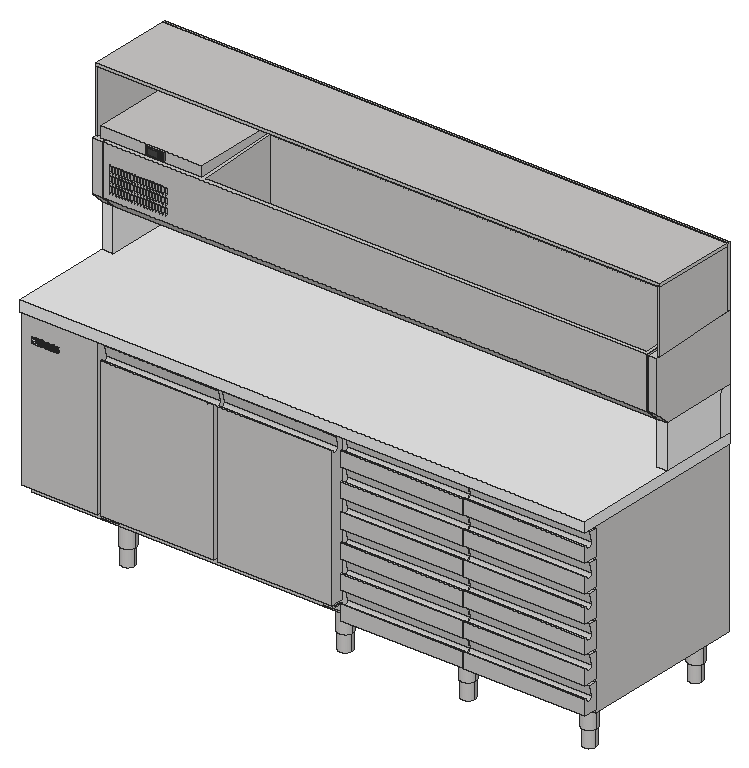
Revit family "QF_ELECTROLUXPROFESSIONAL_725189_RCSH2D12W", category Attrezzature speciali, Revit 2021 (continued)
Definition of nested family "ELX_REF_PZ"
  Automatic sketch dimensions
    Split face 97 sketch curve to Split face 97 sketch curve = 4 mm
    Split face 98 sketch curve to Extrusion 2 = 85.544 mm
    Split face 98 sketch curve to Split face 98 sketch curve = 42 mm
    Split face 98 sketch curve to Extrusion 2 = 60.174 mm
    Split face 98 sketch curve to Split face 98 sketch curve = 4 mm
    Split face 99 sketch curve to Extrusion 2 = 98.456 mm
    Split face 99 sketch curve to Split face 99 sketch curve = 42 mm
    Split face 99 sketch curve to Extrusion 2 = 60.174 mm
    Split face 99 sketch curve to Split face 99 sketch curve = 4 mm
    Split face 100 sketch curve to Extrusion 2 = 68.174 mm
    Split face 100 sketch curve to Extrusion 2 = 140.544 mm
    Split face 100 sketch curve to Split face 100 sketch curve = 42 mm
    Split face 100 sketch curve to Split face 100 sketch curve = 4 mm
    Split face 101 sketch curve to Extrusion 2 = 43.456 mm
    Split face 101 sketch curve to Split face 101 sketch curve = 42 mm
    Split face 101 sketch curve to Extrusion 2 = 48.174 mm
    Split face 101 sketch curve to Split face 101 sketch curve = 4 mm
    Split face 102 sketch curve to Extrusion 2 = 56.174 mm
    Split face 102 sketch curve to Extrusion 2 = 85.544 mm
    Split face 102 sketch curve to Split face 102 sketch curve = 42 mm
    Split face 102 sketch curve to Split face 102 sketch curve = 4 mm
    Split face 103 sketch curve to Extrusion 2 = 56.174 mm
    Split face 103 sketch curve to Extrusion 2 = 98.456 mm
    Split face 103 sketch curve to Split face 103 sketch curve = 42 mm
    Split face 103 sketch curve to Split face 103 sketch curve = 4 mm
    Split face 104 sketch curve to Extrusion 2 = 56.174 mm
    Split face 104 sketch curve to Extrusion 2 = 140.544 mm
    Split face 104 sketch curve to Split face 104 sketch curve = 42 mm
    Split face 104 sketch curve to Split face 104 sketch curve = 4 mm
    Split face 105 sketch curve to Extrusion 2 = 43.456 mm
    Split face 105 sketch curve to Split face 105 sketch curve = 42 mm
    Split face 105 sketch curve to Extrusion 2 = 36.174 mm
    Split face 105 sketch curve to Split face 105 sketch curve = 4 mm
    Split face 106 sketch curve to Extrusion 2 = 44.174 mm
    Split face 106 sketch curve to Extrusion 2 = 85.544 mm
    Split face 106 sketch curve to Split face 106 sketch curve = 42 mm
    Split face 106 sketch curve to Split face 106 sketch curve = 4 mm
    Split face 107 sketch curve to Extrusion 2 = 44.174 mm
    Split face 107 sketch curve to Extrusion 2 = 98.456 mm
    Split face 107 sketch curve to Split face 107 sketch curve = 42 mm
    Split face 107 sketch curve to Split face 107 sketch curve = 4 mm
    Split face 108 sketch curve to Extrusion 2 = 44.174 mm
    Split face 108 sketch curve to Extrusion 2 = 140.544 mm
    Split face 108 sketch curve to Split face 108 sketch curve = 42 mm
    Split face 108 sketch curve to Split face 108 sketch curve = 4 mm
    Split face 109 sketch curve to Extrusion 2 = 43.456 mm
    Split face 109 sketch curve to Split face 109 sketch curve = 42 mm
    Split face 109 sketch curve to Extrusion 2 = 24.174 mm
    Split face 109 sketch curve to Split face 109 sketch curve = 4 mm
    Split face 110 sketch curve to Extrusion 2 = 32.174 mm
    Split face 110 sketch curve to Extrusion 2 = 85.544 mm
    Split face 110 sketch curve to Split face 110 sketch curve = 42 mm
    Split face 110 sketch curve to Split face 110 sketch curve = 4 mm
    Split face 111 sketch curve to Extrusion 2 = 32.174 mm
    Split face 111 sketch curve to Extrusion 2 = 98.456 mm
    Split face 111 sketch curve to Split face 111 sketch curve = 42 mm
    Split face 111 sketch curve to Split face 111 sketch curve = 4 mm
    Split face 112 sketch curve to Extrusion 2 = 32.174 mm
    Split face 112 sketch curve to Extrusion 2 = 140.544 mm
    Split face 112 sketch curve to Split face 112 sketch curve = 42 mm
    Split face 112 sketch curve to Split face 112 sketch curve = 4 mm
    Split face 113 sketch curve to Extrusion 2 = 20.174 mm
    Split face 113 sketch curve to Extrusion 2 = 43.456 mm
    Split face 113 sketch curve to Extrusion 2 = 16.174 mm
    Split face 113 sketch curve to Split face 113 sketch curve = 42 mm
    Split face 114 sketch curve to Extrusion 2 = 20.174 mm
    Split face 114 sketch curve to Extrusion 2 = 85.544 mm
    Split face 114 sketch curve to Extrusion 2 = 16.174 mm
    Split face 114 sketch curve to Split face 114 sketch curve = 42 mm
    Split face 115 sketch curve to Extrusion 2 = 20.174 mm
    Split face 115 sketch curve to Extrusion 2 = 98.456 mm
    Split face 115 sketch curve to Extrusion 2 = 16.174 mm
    Split face 115 sketch curve to Split face 115 sketch curve = 42 mm
    Split face 116 sketch curve to Extrusion 2 = 20.174 mm
    Split face 116 sketch curve to Extrusion 2 = 140.544 mm
    Split face 116 sketch curve to Extrusion 2 = 16.174 mm
    Split face 116 sketch curve to Split face 116 sketch curve = 42 mm
    plane 4 to Extrusion 3 sketch curve = 41.175 mm
    Extrusion 3 sketch curve to Extrusion 3 sketch curve = 0.751 mm
    Extrusion 3 sketch curve to Extrusion 3 sketch curve = 0 mm  (x2)
    Extrusion 3 sketch curve to Extrusion 3 sketch curve = 3.578 mm  (x2)
    Extrusion 3 sketch curve to Extrusion 3 sketch curve = 3.275 mm
    Extrusion 3 sketch curve to Extrusion 3 sketch curve = 6.852 mm
    Extrusion 3 sketch curve to Extrusion 3 sketch curve = 0.043 mm
    Extrusion 3 sketch curve to Extrusion 3 sketch curve = 0.219 mm
    Extrusion 3 sketch curve to Extrusion 3 sketch curve = 9.372 mm
    Extrusion 3 sketch curve to Extrusion 3 sketch curve = 1.81 mm
    Extrusion 3 sketch curve to Extrusion 3 sketch curve = 1.007 mm
    Extrusion 3 sketch curve to Extrusion 3 sketch curve = 8.073 mm
    Extrusion 3 sketch curve to plane 6 = 95.822 mm
    Extrusion 3 sketch curve to Extrusion 3 sketch curve = 0.871 mm
    Extrusion 3 sketch curve to Extrusion 3 sketch curve = 0.95 mm
    Extrusion 3 sketch curve to Extrusion 3 sketch curve = 0.254 mm
    Extrusion 3 sketch curve to Extrusion 3 sketch curve = 1.688 mm
    Extrusion 3 sketch curve to Extrusion 3 sketch curve = 0.135 mm
    Extrusion 3 sketch curve to Extrusion 3 sketch curve = 0.034 mm
    Extrusion 3 sketch curve to Extrusion 3 sketch curve = 1.148 mm
    Extrusion 3 sketch curve to Extrusion 3 sketch curve = 1.433 mm
    Extrusion 3 sketch curve to Extrusion 3 sketch curve = 1.08 mm
    Extrusion 4 sketch curve to Extrusion 4 sketch curve = 0 mm  (x43)
    plane 4 to Extrusion 4 sketch curve = 68.112 mm
    Extrusion 4 sketch curve to Extrusion 4 sketch curve = 0.486 mm
    Extrusion 4 sketch curve to Extrusion 4 sketch curve = 0.902 mm  (x2)
    Extrusion 4 sketch curve to Extrusion 4 sketch curve = 0.712 mm  (x2)
    Extrusion 4 sketch curve to Extrusion 4 sketch curve = 0.746 mm
    Extrusion 4 sketch curve to Extrusion 4 sketch curve = 0.211 mm  (x2)
    Extrusion 4 sketch curve to Extrusion 4 sketch curve = 0.039 mm  (x3)
    Extrusion 4 sketch curve to Extrusion 4 sketch curve = 2.066 mm  (x2)
    Extrusion 4 sketch curve to Extrusion 4 sketch curve = 1.275 mm
    Extrusion 4 sketch curve to Extrusion 4 sketch curve = 0.34 mm  (x2)
    Extrusion 4 sketch curve to Extrusion 4 sketch curve = 0.484 mm
    Extrusion 4 sketch curve to Extrusion 4 sketch curve = 4.585 mm
    Extrusion 4 sketch curve to Extrusion 4 sketch curve = 3.433 mm
    Extrusion 4 sketch curve to Extrusion 4 sketch curve = 0.322 mm
    Extrusion 4 sketch curve to Extrusion 4 sketch curve = 3.755 mm
    Extrusion 4 sketch curve to Extrusion 4 sketch curve = 0.063 mm
    Extrusion 4 sketch curve to Extrusion 4 sketch curve = 0.088 mm
    Extrusion 4 sketch curve to Extrusion 4 sketch curve = 0.873 mm
    Extrusion 4 sketch curve to Extrusion 4 sketch curve = 0.095 mm  (x2)
    Extrusion 4 sketch curve to Extrusion 4 sketch curve = 1.469 mm
    Extrusion 4 sketch curve to Extrusion 4 sketch curve = 0.749 mm
    Extrusion 4 sketch curve to Extrusion 4 sketch curve = 1.612 mm
    Extrusion 4 sketch curve to Extrusion 4 sketch curve = 0.968 mm
    Extrusion 4 sketch curve to Extrusion 4 sketch curve = 2.067 mm
    Extrusion 4 sketch curve to Extrusion 4 sketch curve = 3.418 mm
    Extrusion 4 sketch curve to Extrusion 4 sketch curve = 0.052 mm  (x2)
    Extrusion 4 sketch curve to Extrusion 4 sketch curve = 5.299 mm
    Extrusion 4 sketch curve to Extrusion 4 sketch curve = 2.01 mm
    Extrusion 4 sketch curve to Extrusion 4 sketch curve = 0.074 mm
    Extrusion 4 sketch curve to Extrusion 4 sketch curve = 0.217 mm
    Extrusion 4 sketch curve to Extrusion 4 sketch curve = 0.033 mm  (x2)
    Extrusion 4 sketch curve to Extrusion 4 sketch curve = 0.145 mm
    Extrusion 4 sketch curve to Extrusion 4 sketch curve = 0.084 mm
    Extrusion 4 sketch curve to Extrusion 4 sketch curve = 0.151 mm
    Extrusion 4 sketch curve to Extrusion 4 sketch curve = 0.248 mm
    Extrusion 4 sketch curve to Extrusion 4 sketch curve = 1.98 mm
    Extrusion 4 sketch curve to Extrusion 4 sketch curve = 0.298 mm
    Extrusion 4 sketch curve to Extrusion 4 sketch curve = 5.699 mm
    Extrusion 4 sketch curve to Extrusion 4 sketch curve = 1.224 mm  (x2)
    Extrusion 4 sketch curve to Extrusion 4 sketch curve = 0.88 mm  (x2)
    Extrusion 4 sketch curve to Extrusion 4 sketch curve = 1.778 mm
    Extrusion 4 sketch curve to Extrusion 4 sketch curve = 1.562 mm
    Extrusion 4 sketch curve to Extrusion 4 sketch curve = 0.15 mm
    Extrusion 4 sketch curve to Extrusion 4 sketch curve = 3.5 mm
    Extrusion 4 sketch curve to Extrusion 4 sketch curve = 5.704 mm
    Extrusion 4 sketch curve to Extrusion 4 sketch curve = 0.036 mm
    Extrusion 4 sketch curve to Extrusion 4 sketch curve = 0.085 mm
    Extrusion 4 sketch curve to Extrusion 4 sketch curve = 0.14 mm
    Extrusion 4 sketch curve to Extrusion 4 sketch curve = 0.141 mm
    Extrusion 4 sketch curve to Extrusion 4 sketch curve = 0.853 mm  (x3)
    Extrusion 4 sketch curve to Extrusion 4 sketch curve = 0.182 mm
    Extrusion 4 sketch curve to Extrusion 4 sketch curve = 0.475 mm
    Extrusion 4 sketch curve to Extrusion 4 sketch curve = 0.08 mm
    Extrusion 4 sketch curve to Extrusion 4 sketch curve = 0.351 mm
    Extrusion 4 sketch curve to Extrusion 4 sketch curve = 0.833 mm
    Extrusion 4 sketch curve to Extrusion 4 sketch curve = 0.115 mm
    Extrusion 4 sketch curve to Extrusion 4 sketch curve = 0.155 mm
    Extrusion 4 sketch curve to Extrusion 4 sketch curve = 2.112 mm
    Extrusion 4 sketch curve to Extrusion 4 sketch curve = 2.087 mm
    Extrusion 4 sketch curve to Extrusion 4 sketch curve = 1.291 mm  (x2)
    Extrusion 4 sketch curve to Extrusion 4 sketch curve = 1.298 mm  (x2)
    Extrusion 4 sketch curve to Extrusion 4 sketch curve = 2.062 mm
    Extrusion 4 sketch curve to Extrusion 4 sketch curve = 1.27 mm
    Extrusion 4 sketch curve to Extrusion 4 sketch curve = 1.104 mm  (x2)
    Extrusion 4 sketch curve to Extrusion 4 sketch curve = 0.11 mm  (x2)
    Extrusion 4 sketch curve to Extrusion 4 sketch curve = 0.726 mm  (x2)
    Extrusion 4 sketch curve to Extrusion 4 sketch curve = 0.791 mm  (x2)
    Extrusion 4 sketch curve to Extrusion 4 sketch curve = 0.798 mm  (x2)
    Extrusion 4 sketch curve to Extrusion 4 sketch curve = 0.022 mm  (x2)
    Extrusion 4 sketch curve to Extrusion 4 sketch curve = 0.008 mm  (x2)
    Extrusion 4 sketch curve to Extrusion 4 sketch curve = 0.066 mm  (x2)
    Extrusion 4 sketch curve to Extrusion 4 sketch curve = 3.337 mm
    Extrusion 4 sketch curve to Extrusion 4 sketch curve = 0.073 mm  (x2)
    Extrusion 4 sketch curve to Extrusion 4 sketch curve = 0.077 mm  (x2)
    Extrusion 4 sketch curve to Extrusion 4 sketch curve = 0.108 mm  (x2)
    Extrusion 4 sketch curve to Extrusion 4 sketch curve = 0.006 mm  (x2)
    Extrusion 4 sketch curve to Extrusion 4 sketch curve = 0.037 mm  (x2)
    Extrusion 4 sketch curve to Extrusion 4 sketch curve = 0.1 mm  (x2)
    Extrusion 4 sketch curve to Extrusion 4 sketch curve = 0.032 mm  (x2)
    Extrusion 4 sketch curve to Extrusion 4 sketch curve = 0.715 mm  (x2)
    Extrusion 4 sketch curve to Extrusion 4 sketch curve = 0.474 mm  (x2)
    Extrusion 4 sketch curve to Extrusion 4 sketch curve = 1.427 mm
    Extrusion 4 sketch curve to Extrusion 4 sketch curve = 0.277 mm
    Extrusion 4 sketch curve to Extrusion 4 sketch curve = 0.075 mm
    Extrusion 4 sketch curve to Extrusion 4 sketch curve = 1.877 mm
    Extrusion 4 sketch curve to Extrusion 4 sketch curve = 0.489 mm
    Extrusion 4 sketch curve to Extrusion 4 sketch curve = 1.452 mm
    Extrusion 4 sketch curve to Extrusion 4 sketch curve = 5.113 mm
    Extrusion 4 sketch curve to Extrusion 4 sketch curve = 1.701 mm
    Extrusion 4 sketch curve to Extrusion 4 sketch curve = 2.435 mm
    Extrusion 4 sketch curve to Extrusion 4 sketch curve = 2.05 mm
    Extrusion 4 sketch curve to Extrusion 4 sketch curve = 2.451 mm
    Extrusion 4 sketch curve to Extrusion 4 sketch curve = 0.113 mm
    Extrusion 4 sketch curve to Extrusion 4 sketch curve = 0.156 mm
    Extrusion 4 sketch curve to Extrusion 4 sketch curve = 0.639 mm
    Extrusion 4 sketch curve to Extrusion 4 sketch curve = 4.839 mm
    Extrusion 4 sketch curve to Extrusion 4 sketch curve = 5.054 mm
    Extrusion 4 sketch curve to Extrusion 4 sketch curve = 5.749 mm
    Extrusion 4 sketch curve to Extrusion 4 sketch curve = 6.008 mm
    Extrusion 4 sketch curve to Extrusion 4 sketch curve = 2.068 mm
    Extrusion 4 sketch curve to Extrusion 4 sketch curve = 1.577 mm
    Extrusion 4 sketch curve to Extrusion 4 sketch curve = 1.581 mm
    Extrusion 4 sketch curve to Extrusion 4 sketch curve = 0.829 mm  (x2)
    Extrusion 4 sketch curve to Extrusion 4 sketch curve = 0.862 mm
    Extrusion 4 sketch curve to Extrusion 4 sketch curve = 2.085 mm
    Extrusion 4 sketch curve to Extrusion 4 sketch curve = 1.897 mm
    Extrusion 4 sketch curve to Extrusion 4 sketch curve = 1.59 mm  (x2)
    Extrusion 4 sketch curve to Extrusion 4 sketch curve = 0.24 mm  (x2)
    Extrusion 4 sketch curve to Extrusion 4 sketch curve = 0.129 mm
    Extrusion 4 sketch curve to Extrusion 4 sketch curve = 3.384 mm
    Extrusion 4 sketch curve to Extrusion 4 sketch curve = 0.916 mm
    Extrusion 4 sketch curve to Extrusion 4 sketch curve = 2.084 mm
    Extrusion 4 sketch curve to Extrusion 4 sketch curve = 0.404 mm  (x2)
    Extrusion 4 sketch curve to Extrusion 4 sketch curve = 0.303 mm
    Extrusion 4 sketch curve to Extrusion 4 sketch curve = 0.341 mm
    Extrusion 4 sketch curve to Extrusion 4 sketch curve = 0.953 mm
    Extrusion 4 sketch curve to Extrusion 4 sketch curve = 0.399 mm
    Extrusion 4 sketch curve to Extrusion 4 sketch curve = 1.249 mm
    Extrusion 4 sketch curve to Extrusion 4 sketch curve = 0.8 mm
    Extrusion 4 sketch curve to Extrusion 4 sketch curve = 0.81 mm
    Extrusion 4 sketch curve to Extrusion 4 sketch curve = 0.383 mm
    Extrusion 4 sketch curve to Extrusion 4 sketch curve = 2.222 mm
    Extrusion 4 sketch curve to Extrusion 4 sketch curve = 0.917 mm
    Extrusion 4 sketch curve to Extrusion 4 sketch curve = 2.236 mm
    Extrusion 4 sketch curve to Extrusion 4 sketch curve = 0.766 mm
    Extrusion 4 sketch curve to Extrusion 4 sketch curve = 1.106 mm
    Extrusion 4 sketch curve to Extrusion 4 sketch curve = 1.113 mm
    Extrusion 4 sketch curve to Extrusion 4 sketch curve = 1.185 mm
    Extrusion 4 sketch curve to Extrusion 4 sketch curve = 5.134 mm
    Extrusion 4 sketch curve to Extrusion 4 sketch curve = 1.901 mm
    Extrusion 4 sketch curve to Extrusion 4 sketch curve = 2.221 mm
    Extrusion 4 sketch curve to Extrusion 4 sketch curve = 1.595 mm
    Extrusion 4 sketch curve to Extrusion 4 sketch curve = 2.256 mm
    Extrusion 4 sketch curve to Extrusion 4 sketch curve = 2.208 mm
    Extrusion 4 sketch curve to plane 6 = 100.072 mm
    Extrusion 4 sketch curve to Extrusion 4 sketch curve = 3.027 mm  (x2)
    Extrusion 4 sketch curve to Extrusion 4 sketch curve = 5.095 mm
    Extrusion 4 sketch curve to Extrusion 4 sketch curve = 2.072 mm  (x2)
    Extrusion 4 sketch curve to Extrusion 4 sketch curve = 0.784 mm  (x3)
    Extrusion 4 sketch curve to Extrusion 4 sketch curve = 0.895 mm
    Extrusion 4 sketch curve to Extrusion 4 sketch curve = 2.972 mm  (x2)
    Extrusion 4 sketch curve to Extrusion 4 sketch curve = 0.172 mm  (x4)
    Extrusion 4 sketch curve to Extrusion 4 sketch curve = 0.259 mm  (x2)
    Extrusion 4 sketch curve to Extrusion 4 sketch curve = 0.012 mm  (x4)
    Extrusion 4 sketch curve to Extrusion 4 sketch curve = 0.543 mm
    Extrusion 4 sketch curve to Extrusion 4 sketch curve = 0.338 mm  (x2)
    Extrusion 4 sketch curve to Extrusion 4 sketch curve = 1.429 mm  (x2)
    Extrusion 4 sketch curve to Extrusion 4 sketch curve = 1.451 mm
    Extrusion 4 sketch curve to Extrusion 4 sketch curve = 1.461 mm
    Extrusion 4 sketch curve to Extrusion 4 sketch curve = 0.382 mm  (x2)
    Extrusion 4 sketch curve to Extrusion 4 sketch curve = 0.257 mm
    Extrusion 4 sketch curve to Extrusion 4 sketch curve = 0.094 mm  (x2)
    Extrusion 4 sketch curve to Extrusion 4 sketch curve = 0.06 mm  (x2)
    Extrusion 4 sketch curve to Extrusion 4 sketch curve = 0.851 mm
    Extrusion 4 sketch curve to Extrusion 4 sketch curve = 0.321 mm
    Extrusion 4 sketch curve to Extrusion 4 sketch curve = 2.075 mm
    Extrusion 4 sketch curve to Extrusion 4 sketch curve = 2.073 mm
    Extrusion 4 sketch curve to Extrusion 4 sketch curve = 0.466 mm  (x2)
    Extrusion 4 sketch curve to Extrusion 4 sketch curve = 0.815 mm  (x2)
    Extrusion 4 sketch curve to Extrusion 4 sketch curve = 0.93 mm
    Extrusion 4 sketch curve to Extrusion 4 sketch curve = 0.261 mm  (x2)
    Extrusion 4 sketch curve to Extrusion 4 sketch curve = 0.136 mm  (x2)
    Extrusion 4 sketch curve to Extrusion 4 sketch curve = 1.147 mm
    Extrusion 4 sketch curve to Extrusion 4 sketch curve = 0.911 mm
    Extrusion 4 sketch curve to Extrusion 4 sketch curve = 0.16 mm  (x2)
    Extrusion 4 sketch curve to Extrusion 4 sketch curve = 0.533 mm  (x2)
    Extrusion 4 sketch curve to Extrusion 4 sketch curve = 0.002 mm  (x2)
    Extrusion 4 sketch curve to Extrusion 4 sketch curve = 0.267 mm  (x2)
    Extrusion 4 sketch curve to Extrusion 4 sketch curve = 0.327 mm  (x2)
    Extrusion 4 sketch curve to Extrusion 4 sketch curve = 0.014 mm  (x2)
    Extrusion 4 sketch curve to Extrusion 4 sketch curve = 0.876 mm
    Extrusion 4 sketch curve to Extrusion 4 sketch curve = 0.817 mm
    Extrusion 4 sketch curve to Extrusion 4 sketch curve = 0.623 mm  (x2)
    Extrusion 4 sketch curve to Extrusion 4 sketch curve = 1.539 mm  (x2)
    Extrusion 4 sketch curve to Extrusion 4 sketch curve = 3.363 mm
    Extrusion 4 sketch curve to Extrusion 4 sketch curve = 0.894 mm
    Extrusion 4 sketch curve to Extrusion 4 sketch curve = 0.783 mm
    Extrusion 4 sketch curve to Extrusion 4 sketch curve = 1.49 mm
    Extrusion 4 sketch curve to Extrusion 4 sketch curve = 0.525 mm
    Extrusion 4 sketch curve to Extrusion 4 sketch curve = 0.838 mm
    Extrusion 4 sketch curve to Extrusion 4 sketch curve = 4.901 mm
    Extrusion 4 sketch curve to Extrusion 4 sketch curve = 4.972 mm
    Extrusion 4 sketch curve to Extrusion 4 sketch curve = 0.005 mm
    Extrusion 4 sketch curve to Extrusion 4 sketch curve = 4.975 mm  (x2)
    Extrusion 4 sketch curve to Extrusion 4 sketch curve = 1.317 mm
    Extrusion 4 sketch curve to Extrusion 4 sketch curve = 6.315 mm
    Extrusion 4 sketch curve to Extrusion 4 sketch curve = 1.936 mm
    Extrusion 4 sketch curve to Extrusion 4 sketch curve = 1.942 mm
    Extrusion 4 sketch curve to Extrusion 4 sketch curve = 3.057 mm
    Extrusion 4 sketch curve to Extrusion 4 sketch curve = 3.445 mm
    Extrusion 4 sketch curve to Extrusion 4 sketch curve = 0.044 mm
    Extrusion 4 sketch curve to Extrusion 4 sketch curve = 1.561 mm
    Extrusion 4 sketch curve to Extrusion 4 sketch curve = 3.53 mm
    Extrusion 4 sketch curve to Extrusion 4 sketch curve = 0.167 mm
    Extrusion 4 sketch curve to Extrusion 4 sketch curve = 1.153 mm
    Extrusion 4 sketch curve to Extrusion 4 sketch curve = 0.128 mm
    Extrusion 4 sketch curve to Extrusion 4 sketch curve = 2.488 mm
    Extrusion 4 sketch curve to Extrusion 4 sketch curve = 1.267 mm
    Extrusion 4 sketch curve to Extrusion 4 sketch curve = 0.114 mm
    Extrusion 4 sketch curve to Extrusion 4 sketch curve = 0.153 mm
    Extrusion 4 sketch curve to Extrusion 4 sketch curve = 4.063 mm
    Extrusion 4 sketch curve to Extrusion 4 sketch curve = 1.541 mm
    Extrusion 4 sketch curve to Extrusion 4 sketch curve = 0.165 mm
    Extrusion 4 sketch curve to Extrusion 4 sketch curve = 0.017 mm
    Extrusion 4 sketch curve to Extrusion 4 sketch curve = 0.275 mm
    Extrusion 4 sketch curve to Extrusion 4 sketch curve = 0.105 mm
    Extrusion 4 sketch curve to Extrusion 4 sketch curve = 0.054 mm
    Extrusion 4 sketch curve to Extrusion 4 sketch curve = 0.717 mm
    Extrusion 4 sketch curve to Extrusion 4 sketch curve = 0.013 mm
    Extrusion 4 sketch curve to Extrusion 4 sketch curve = 0.499 mm
    Extrusion 4 sketch curve to Extrusion 4 sketch curve = 1.549 mm
    Extrusion 4 sketch curve to Extrusion 4 sketch curve = 0.083 mm
    Extrusion 4 sketch curve to Extrusion 4 sketch curve = 1.597 mm
    Extrusion 4 sketch curve to Extrusion 4 sketch curve = 0.314 mm
    Extrusion 4 sketch curve to Extrusion 4 sketch curve = 0.007 mm
    Extrusion 4 sketch curve to Extrusion 4 sketch curve = 0.316 mm
    Extrusion 4 sketch curve to Extrusion 4 sketch curve = 1.717 mm
    Extrusion 4 sketch curve to Extrusion 4 sketch curve = 1.453 mm
    Extrusion 4 sketch curve to Extrusion 4 sketch curve = 1.278 mm
    Extrusion 4 sketch curve to Extrusion 4 sketch curve = 1.499 mm
    Extrusion 4 sketch curve to Extrusion 4 sketch curve = 1.664 mm
    Extrusion 4 sketch curve to Extrusion 4 sketch curve = 2.97 mm
    Extrusion 4 sketch curve to Extrusion 4 sketch curve = 0.961 mm
    Extrusion 4 sketch curve to Extrusion 4 sketch curve = 1.95 mm
    Extrusion 4 sketch curve to Extrusion 4 sketch curve = 1.234 mm
    Extrusion 4 sketch curve to Extrusion 4 sketch curve = 2.576 mm  (x2)
    Extrusion 4 sketch curve to Extrusion 4 sketch curve = 5.237 mm
    Extrusion 4 sketch curve to Extrusion 4 sketch curve = 1.878 mm
    Extrusion 4 sketch curve to Extrusion 4 sketch curve = 2.838 mm
    Extrusion 4 sketch curve to Extrusion 4 sketch curve = 3.322 mm
    Extrusion 4 sketch curve to Extrusion 4 sketch curve = 1.944 mm
    Extrusion 4 sketch curve to Extrusion 4 sketch curve = 3.321 mm
    Extrusion 4 sketch curve to Extrusion 4 sketch curve = 1.15 mm
    Extrusion 4 sketch curve to Extrusion 4 sketch curve = 2.06 mm
    Extrusion 4 sketch curve to Extrusion 4 sketch curve = 1.066 mm  (x2)
    Extrusion 4 sketch curve to Extrusion 4 sketch curve = 0.235 mm  (x2)
    Extrusion 4 sketch curve to Extrusion 4 sketch curve = 0.435 mm  (x2)
    Extrusion 4 sketch curve to Extrusion 4 sketch curve = 0.238 mm  (x2)
    Extrusion 4 sketch curve to Extrusion 4 sketch curve = 0.045 mm  (x2)
    Extrusion 4 sketch curve to Extrusion 4 sketch curve = 0.289 mm  (x2)
    Extrusion 4 sketch curve to Extrusion 4 sketch curve = 0.024 mm  (x2)
    Extrusion 4 sketch curve to Extrusion 4 sketch curve = 0.841 mm  (x2)
    Extrusion 4 sketch curve to Extrusion 4 sketch curve = 4.599 mm
    Extrusion 4 sketch curve to Extrusion 4 sketch curve = 1.812 mm
    Split face 117 sketch curve to Extrusion 2 = 0 mm  (x2)
    Split face 117 sketch curve to Extrusion 2 = 110 mm
    Split face 118 sketch curve to Extrusion 2 = 0 mm  (x2)
    Split face 118 sketch curve to Split face 118 sketch curve = 19.431 mm
    Split face 118 sketch curve to Split face 118 sketch curve = 13 mm  (x2)
    Split face 118 sketch curve to Split face 118 sketch curve = 80 mm
    Split face 118 sketch curve to Extrusion 2 = 65 mm
    Split face 118 sketch curve to Split face 118 sketch curve = 5 mm  (x2)
    Split face 119 sketch curve to Extrusion 2 = 0 mm  (x2)
    Split face 119 sketch curve to Extrusion 2 = 55 mm
    Split face 120 sketch curve to Extrusion 2 = 95.864 mm
    Split face 120 sketch curve to Extrusion 2 = 115.88 mm
    Split face 120 sketch curve to Extrusion 2 = 45.88 mm
    Split face 120 sketch curve to Split face 120 sketch curve = 29.518 mm
    Split face 121 sketch curve to Extrusion 2 = 92.864 mm
    Split face 121 sketch curve to Extrusion 2 = 112.88 mm
    Split face 121 sketch curve to Split face 121 sketch curve = 41.575 mm
    Split face 121 sketch curve to Split face 121 sketch curve = 23.518 mm
    Split face 122 sketch curve to Extrusion 2 = 67.88 mm
    Split face 122 sketch curve to Split face 122 sketch curve = 8 mm
    Split face 122 sketch curve to Split face 122 sketch curve = 11 mm
    Split face 122 sketch curve to Extrusion 2 = 80.346 mm
    Split face 123 sketch curve to Extrusion 2 = 56.868 mm
    Split face 123 sketch curve to Split face 123 sketch curve = 8 mm
    Split face 123 sketch curve to Extrusion 2 = 80.346 mm
    Split face 123 sketch curve to Split face 123 sketch curve = 11 mm
    Split face 124 sketch curve to Extrusion 2 = 67.88 mm
    Split face 124 sketch curve to Split face 124 sketch curve = 8 mm
    Split face 124 sketch curve to Extrusion 2 = 92.864 mm
    Split face 124 sketch curve to Split face 124 sketch curve = 11 mm
    Split face 125 sketch curve to Extrusion 2 = 56.868 mm
    Split face 125 sketch curve to Split face 125 sketch curve = 8 mm
    Split face 125 sketch curve to Extrusion 2 = 92.864 mm
    Split face 125 sketch curve to Split face 125 sketch curve = 11 mm
    radius of Extrusion 4 sketch curve = 2.156 mm
    radius of Extrusion 4 sketch curve = 1.368 mm
    radius of Extrusion 4 sketch curve = 1.29 mm
    radius of Extrusion 4 sketch curve = 2.154 mm
Definition of nested family "SD_L_PZ"
  Parameters
    Show Clearance [instance] = yes
    Default Elevation = 1219.2 mm
  Reference planes
    plane 1 "Center (Front/Back)": y = 28.12
    plane 2: z = 0
    plane 3 "Center (Left/Right)": x = 0
    plane 4: x = -234
    plane 5: x = 234
  Forms (mm)
    Extrusion 1, solid
      sketch origin (0, 0, 0) x (1, 0, 0) y (0, 1, 0)
        loop
          line (-1219.2, 1219.2) -> (-1219.2, -1219.2) -> (1219.2, -1219.2) -> (1219.2, 1219.2) -> (-1219.2, 1219.2)
      from 0 to -304.8
    Extrusion 2, solid
      sketch origin (0, 53.12, -3) x (0, 1, 0) y (0, 0, 1)
        loop
          line (-314, 53) -> (-314, 3) -> (264, 3) -> (264, 29) -> (224.395, 20)
          arc (224.395, 20) -> (210.396, 33.803) -> (224, 47.994) r 14
          line (224, 47.994) -> (224, 53) -> (-314, 53)
      from -220 to 220
    Extrusion 3, solid
      sketch origin (0, 53.12, 0) x (0, 1, 0) y (0, 0, -1)
        loop
          line (-323.003, -40.312) -> (-323.003, -12.259) -> (-323.003, 0) -> (-351.511, 0) -> (-351.511, -2.5) -> (-325.503, -2.5) -> (-325.503, -42.812) -> (-316.501, -42.812) -> (-316.501, -40.312) -> (-323.003, -40.312)
        loop
          line (-314, -38.311) -> (-314, -11.804) -> (-319.752, -11.804) -> (-319.752, -14.304) -> (-316.501, -14.304) -> (-316.501, -38.311) -> (-314, -38.311)
        loop
          line (265.003, -27.948) -> (267.503, -27.948) -> (267.503, -2.5) -> (277.503, -2.5) -> (277.503, 0) -> (265.003, 0) -> (265.003, -2.948) -> (265.003, -27.948)
      from 185 to 220
    Extrusion 4, solid, visible <- "Show Clearance", detail levels coarse
      sketch origin (0, 28.12, -3) x (-1, 0, 0) y (0, 0, -1)
        loop
          line (220, -53) -> (-220, -53)
          arc (-220, -53) -> (-79.636, -340.04) -> (220, -451) r 430
          line (220, -451) -> (220, -53)
      from -289 to 289
  Lines and regions (mm)
    symbolic lines
      curve 1: arc (219.599, 0, 55) -> (95.934, 0, 321.503) -> (-170, 0, 446.39) r 430
      curve 2: line (-220, 0, 55) -> (-220, 0, 448)
      curve 3: line (-170, 0, 55) -> (-170, 0, 448)
      curve 4: line (-220, 0, 448) -> (-170, 0, 448)
  Dimensions and locks
    plane 4 to plane 3 "Center (Left/Right)" to plane 5 = 234 mm locked, 234 mm locked
    aligned and locked: plane 2 to Extrusion 1
    aligned and locked: level to Extrusion 1
Definition of nested family "SD_R_PZ"
  Parameters
    Show Clearance [instance] = yes
    Default Elevation = 1219.2 mm
  Reference planes
    plane 1 "Center (Front/Back)": y = 28.12
    plane 2: z = 0
    plane 3 "Center (Left/Right)": x = 0
    plane 4: x = -234
    plane 5: x = 234
  Forms (mm)
    Extrusion 1, solid
      sketch origin (0, 0, 0) x (1, 0, 0) y (0, 1, 0)
        loop
          line (-1219.2, 1219.2) -> (-1219.2, -1219.2) -> (1219.2, -1219.2) -> (1219.2, 1219.2) -> (-1219.2, 1219.2)
      from 0 to -304.8
    Extrusion 2, solid
      sketch origin (0, 53.12, -3) x (0, 1, 0) y (0, 0, 1)
        loop
          line (-314, 53) -> (-314, 3) -> (264, 3) -> (264, 29) -> (224.395, 20)
          arc (224.395, 20) -> (210.396, 33.803) -> (224, 47.994) r 14
          line (224, 47.994) -> (224, 53) -> (-314, 53)
      from -220 to 220
    Extrusion 3, solid, visible <- "Show Clearance", detail levels coarse
      sketch origin (0, 28.12, -3) x (-1, 0, 0) y (0, 0, -1)
        loop
          line (220, -53) -> (-220, -53) -> (-220, -451)
          arc (-220, -451) -> (79.636, -340.04) -> (220, -53) r 430
      from -289 to 289
    Extrusion 4, solid
      sketch origin (0, 53.12, 0) x (0, 1, 0) y (0, 0, 1)
        loop
          line (-323.003, 40.312) -> (-316.501, 40.312) -> (-316.501, 42.812) -> (-325.503, 42.812) -> (-325.503, 2.5) -> (-351.511, 2.5) -> (-351.511, 0) -> (-323.003, 0) -> (-323.003, 12.259) -> (-323.003, 40.312)
        loop
          line (-314, 38.311) -> (-316.501, 38.311) -> (-316.501, 14.304) -> (-319.752, 14.304) -> (-319.752, 11.804) -> (-314, 11.804) -> (-314, 38.311)
        loop
          line (265.003, 27.948) -> (265.003, 2.948) -> (265.003, 0) -> (277.503, 0) -> (277.503, 2.5) -> (267.503, 2.5) -> (267.503, 27.948) -> (265.003, 27.948)
      from 185 to 220
  Lines and regions (mm)
    symbolic lines
      curve 1: arc (-219.599, 0, 54.79) -> (-95.934, 0, 321.293) -> (170, 0, 446.179) r 430
      curve 2: line (220, 0, 54.79) -> (220, 0, 447.79)
      curve 3: line (170, 0, 54.79) -> (170, 0, 447.79)
      curve 4: line (220, 0, 447.79) -> (170, 0, 447.79)
  Dimensions and locks
    plane 4 to plane 3 "Center (Left/Right)" to plane 5 = 234 mm locked, 234 mm locked
    aligned and locked: plane 2 to Extrusion 1
    aligned and locked: level to Extrusion 1
Definition of nested family "PZ_DISPLAY"
  Parameters
    Show Logo [instance] = yes
    Default Elevation = 1219.2 mm
  Reference planes
    plane 1 "Centro (Fronte/Retro)": y = 0
    plane 2: z = 0
    plane 3 "Centro (Sinistra/Destra)": x = 0
  Forms (mm)
    Extrusion 1, solid
      sketch origin (0, 0, 0) x (1, 0, 0) y (0, 1, 0)
        loop
          line (-1219.2, 1219.2) -> (-1219.2, -1219.2) -> (1219.2, -1219.2) -> (1219.2, 1219.2) -> (-1219.2, 1219.2)
      from 0 to -304.8
    Extrusion 2, solid
      sketch origin (0, -270.882, 0) x (1, 0, 0) y (0, 1, 0)
        loop
          line (-38.5, 305.882) -> (-38.5, 276.364) -> (31.5, 276.364) -> (31.5, 305.882) -> (-38.5, 305.882)
        loop
          line (9.5, 302.882) -> (9.5, 291.882) -> (17.5, 291.882) -> (17.5, 302.882) -> (9.5, 302.882)
        loop
          line (20.512, 302.882) -> (20.512, 291.882) -> (28.512, 291.882) -> (28.512, 302.882) -> (20.512, 302.882)
        loop
          line (20.512, 290.364) -> (20.512, 279.364) -> (28.512, 279.364) -> (28.512, 290.364) -> (20.512, 290.364)
        loop
          line (9.5, 290.364) -> (9.5, 279.364) -> (17.5, 279.364) -> (17.5, 290.364) -> (9.5, 290.364)
        loop
          line (-35.5, 302.882) -> (-35.5, 279.364) -> (6.075, 279.364) -> (6.075, 302.882) -> (-35.5, 302.882)
      from 0 to 4
    Extrusion 3, solid
      sketch origin (0, -270.882, 0) x (1, 0, 0) y (0, 1, 0)
        loop
          line (-35.5, 302.882) -> (-35.5, 279.364) -> (6.075, 279.364) -> (6.075, 302.882) -> (-35.5, 302.882)
      from 0 to 5
    Extrusion 4, solid
      sketch origin (0, -270.882, 0) x (1, 0, 0) y (0, 1, 0)
        loop
          line (9.5, 302.882) -> (9.5, 291.882) -> (17.5, 291.882) -> (17.5, 302.882) -> (9.5, 302.882)
        loop
          line (28.512, 291.882) -> (28.512, 302.882) -> (20.512, 302.882) -> (20.512, 291.882) -> (28.512, 291.882)
        loop
          line (9.5, 279.364) -> (17.5, 279.364) -> (17.5, 290.364) -> (9.5, 290.364) -> (9.5, 279.364)
        loop
          line (28.512, 279.364) -> (28.512, 290.364) -> (20.512, 290.364) -> (20.512, 279.364) -> (28.512, 279.364)
      from 0 to 4
  Dimensions and locks
    aligned and locked: plane 2 to Extrusion 1
    aligned and locked: level to Extrusion 1
Definition of nested family "6DRAWER_PZ"
  Parameters
    Show Clearance [instance] = yes
    Default Elevation = 1219.2 mm
  Reference planes
    plane 1 "Center (Front/Back)": y = 0
    plane 2: z = 0
    plane 3 "Center (Left/Right)": x = 0
    plane 4: x = -249
    plane 5: x = 249
    plane 6: z = 710
  Forms (mm)
    Extrusion 1, solid
      sketch origin (0, 0, 0) x (1, 0, 0) y (0, 1, 0)
        loop
          line (-1219.2, 1219.2) -> (-1219.2, -1219.2) -> (1219.2, -1219.2) -> (1219.2, 1219.2) -> (-1219.2, 1219.2)
      from 0 to -304.8
    Extrusion 2, solid
      sketch origin (0, 0, 0) x (0, 1, 0) y (0, 0, 1)
        loop
          line (-314, 50) -> (-314, 0) -> (-217.667, 0) -> (-217.667, 26) -> (-257.272, 17)
          arc (-257.272, 17) -> (-271.272, 31) -> (-257.272, 45) r 14
          line (-257.272, 45) -> (-257.272, 50) -> (-314, 50)
        loop
          line (-150.939, 45) -> (-150.939, 50) -> (-207.667, 50) -> (-207.667, 0) -> (-111.333, 0) -> (-111.333, 26) -> (-150.939, 17)
          arc (-150.939, 17) -> (-164.939, 31) -> (-150.939, 45) r 14
        loop
          line (217.667, 50) -> (217.667, 0) -> (314, 0) -> (314, 26) -> (274.395, 17)
          arc (274.395, 17) -> (260.395, 31) -> (274.395, 45) r 14
          line (274.395, 45) -> (274.395, 50) -> (217.667, 50)
        loop
          line (-101.333, 50) -> (-101.333, 0) -> (-5, 0) -> (-5, 26) -> (-44.605, 17)
          arc (-44.605, 17) -> (-58.605, 31) -> (-44.605, 45) r 14
          line (-44.605, 45) -> (-44.605, 50) -> (-101.333, 50)
        loop
          line (61.728, 45) -> (61.728, 50) -> (5, 50) -> (5, 0) -> (101.333, 0) -> (101.333, 26) -> (61.728, 17)
          arc (61.728, 17) -> (47.728, 31) -> (61.728, 45) r 14
        loop
          line (111.333, 50) -> (111.333, 0) -> (207.667, 0) -> (207.667, 26) -> (168.061, 17)
          arc (168.061, 17) -> (154.061, 31) -> (168.061, 45) r 14
          line (168.061, 45) -> (168.061, 50) -> (111.333, 50)
      from -235 to 235
    Extrusion 3, solid, visible <- "Show Clearance", detail levels coarse
      sketch origin (0, 0, 512) x (0, 1, 0) y (0, 0, 1)
        loop
          line (217.667, 198) -> (217.667, -462) -> (314, -462) -> (314, 174) -> (274.395, 165)
          arc (274.395, 165) -> (260.395, 179) -> (274.395, 193) r 14
          line (274.395, 193) -> (274.395, 198) -> (217.667, 198)
        loop
          line (111.333, 198) -> (111.333, -462) -> (207.667, -462) -> (207.667, 174) -> (168.061, 165)
          arc (168.061, 165) -> (154.061, 179) -> (168.061, 193) r 14
          line (168.061, 193) -> (168.061, 198) -> (111.333, 198)
        loop
          line (5, 198) -> (5, -462) -> (101.333, -462) -> (101.333, 174) -> (61.728, 165)
          arc (61.728, 165) -> (47.728, 179) -> (61.728, 193) r 14
          line (61.728, 193) -> (61.728, 198) -> (5, 198)
        loop
          line (-101.333, 198) -> (-101.333, -462) -> (-5, -462) -> (-5, 174) -> (-44.605, 165)
          arc (-44.605, 165) -> (-58.605, 179) -> (-44.605, 193) r 14
          line (-44.605, 193) -> (-44.605, 198) -> (-101.333, 198)
        loop
          line (-207.667, 198) -> (-207.667, -462) -> (-111.333, -462) -> (-111.333, 174) -> (-150.939, 165)
          arc (-150.939, 165) -> (-164.939, 179) -> (-150.939, 193) r 14
          line (-150.939, 193) -> (-150.939, 198) -> (-207.667, 198)
        loop
          line (-314, 198) -> (-314, -462) -> (-217.667, -462) -> (-217.667, 174) -> (-257.272, 165)
          arc (-257.272, 165) -> (-271.272, 179) -> (-257.272, 193) r 14
          line (-257.272, 193) -> (-257.272, 198) -> (-314, 198)
      from -235 to 235
  Lines and regions (mm)
    symbolic lines
      curve 1: line (220, 0, 95) -> (-220, 0, 95)
      curve 2: line (220, 0, 130) -> (-220, 0, 130)
      curve 3: line (220, 0, 211) -> (-220, 0, 211)
      curve 4: line (220, 0, 246) -> (-220, 0, 246)
      curve 5: line (220, 0, 327) -> (-220, 0, 327)
      curve 6: line (220, 0, 362) -> (-220, 0, 362)
      curve 7: line (220, 0, 362) -> (220, 0, 327)
      curve 8: line (-220, 0, 362) -> (-220, 0, 327)
      curve 9: line (-220, 0, 246) -> (-220, 0, 211)
      curve 10: line (220, 0, 246) -> (220, 0, 211)
      curve 11: line (220, 0, 130) -> (220, 0, 95)
      curve 12: line (-220, 0, 130) -> (-220, 0, 95)
      curve 13: line (190, 0, 246) -> (190, 0, 327)
      curve 14: line (-190, 0, 246) -> (-190, 0, 327)
      curve 15: line (190, 0, 130) -> (190, 0, 211)
      curve 16: line (-190, 0, 130) -> (-190, 0, 211)
      curve 17: line (190, 0, 55) -> (190, 0, 95)
      curve 18: line (-190, 0, 55) -> (-190, 0, 95)
      curve 19: line (220, 0, 443) -> (-220, 0, 443)
      curve 20: line (220, 0, 478) -> (-220, 0, 478)
      curve 21: line (220, 0, 559) -> (-220, 0, 559)
      curve 22: line (220, 0, 594) -> (-220, 0, 594)
      curve 23: line (220, 0, 675) -> (-220, 0, 675)
      curve 24: line (220, 0, 710) -> (-220, 0, 710)
      curve 25: line (220, 0, 710) -> (220, 0, 675)
      curve 26: line (-220, 0, 710) -> (-220, 0, 675)
      curve 27: line (-220, 0, 594) -> (-220, 0, 559)
      curve 28: line (220, 0, 594) -> (220, 0, 559)
      curve 29: line (220, 0, 478) -> (220, 0, 443)
      curve 30: line (-220, 0, 478) -> (-220, 0, 443)
      curve 31: line (190, 0, 594) -> (190, 0, 675)
      curve 32: line (-190, 0, 594) -> (-190, 0, 675)
      curve 33: line (190, 0, 478) -> (190, 0, 559)
      curve 34: line (-190, 0, 478) -> (-190, 0, 559)
      curve 35: line (190, 0, 362) -> (190, 0, 443)
      curve 36: line (-190, 0, 362) -> (-190, 0, 443)
  Dimensions and locks
    plane 4 to plane 3 "Center (Left/Right)" to plane 5 = 249 mm locked, 249 mm locked
    plane 6 to level = 710 mm
    aligned and locked: plane 2 to Extrusion 1
    aligned and locked: level to Extrusion 1
Definition of nested family "HP_Refrigerator"
  Reference planes
    plane 1 "Center (Front/Back)": y = 0
    plane 2: z = 0
    plane 3 "Center (Left/Right)": x = 0
  Lines and regions (mm)
    detail lines, in view "Ref. Level"
      curve 1: spline (-500, 190, 0) -> (-493.185, 166.706, 0) -> (-473.205, 145, 0) -> (-441.421, 126.36, 0) -> (-400, 112.058, 0) -> (-351.764, 103.067, 0) -> (-300, 100, 0) -> (-248.236, 103.067, 0) -> (-200, 112.058, 0) -> (-158.579, 126.36, 0) -> (-126.795, 145, 0) -> (-106.815, 166.706, 0) -> (-100, 190, 0) -> (-106.815, 213.294, 0) -> (-126.795, 235, 0) -> (-158.579, 253.64, 0) -> (-200, 267.942, 0) -> (-248.236, 276.933, 0) -> (-300, 280, 0) -> (-351.764, 276.933, 0) -> (-400, 267.942, 0) -> (-441.421, 253.64, 0) -> (-473.205, 235, 0) -> (-493.185, 213.294, 0) -> (-500, 190, 0)
      curve 2: line (-300, 130, 0) -> (-300, 250, 0)
      curve 3: line (-351.962, 220, 0) -> (-248.038, 160, 0)
      curve 4: line (-351.962, 160, 0) -> (-248.038, 220, 0)
      curve 5: line (-280.884, 246.873, 0) -> (-300, 225, 0)
      curve 6: line (-300, 225, 0) -> (-319.116, 246.873, 0)
      curve 7: line (-330.311, 207.5, 0) -> (-339.696, 234.992, 0)
      curve 8: line (-358.812, 201.882, 0) -> (-330.311, 207.5, 0)
      curve 9: line (-330.311, 172.5, 0) -> (-358.812, 178.118, 0)
      curve 10: line (-339.696, 145.008, 0) -> (-330.311, 172.5, 0)
      curve 11: line (-300, 155, 0) -> (-319.116, 133.127, 0)
      curve 12: line (-280.884, 133.127, 0) -> (-300, 155, 0)
      curve 13: line (-269.689, 172.5, 0) -> (-260.304, 145.008, 0)
      curve 14: line (-241.188, 178.118, 0) -> (-269.689, 172.5, 0)
      curve 15: line (-269.689, 207.5, 0) -> (-241.188, 201.882, 0)
      curve 16: line (-260.304, 234.992, 0) -> (-269.689, 207.5, 0)
